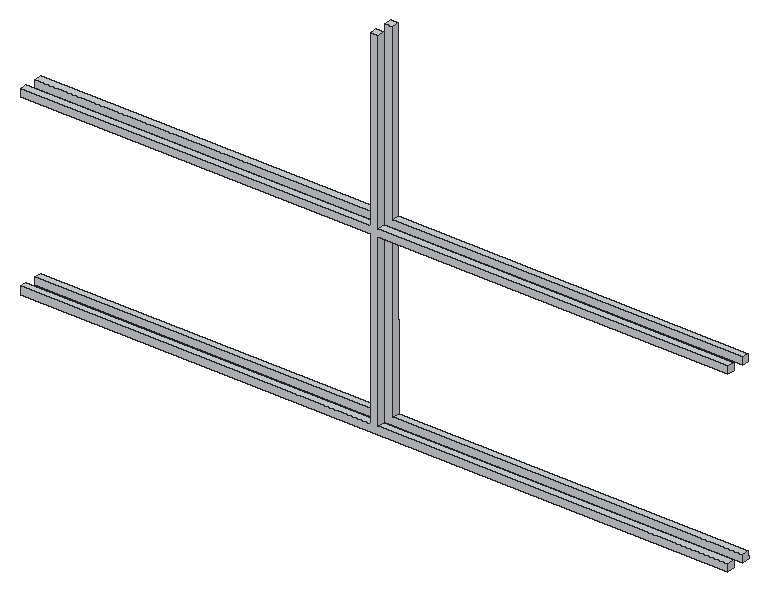
Revit family "dd4de55644d74c2bbe2c4901fe49f491", category Generic Models, Revit 2021
Family settings
  Can host rebar = No
  Round Connector Dimension = Use Diameter
  Part Type = Normal
  Work Plane-Based = No
  Always vertical = Yes
  Cut with Voids When Loaded = No
  Shared = Yes
  Room Calculation Point = No
Parameters
  Width [instance] = 4' - 0"
  Thickness = 0' - 0 1/2"
  Height [instance] = 4' - 0"
  Interior Material [instance] = none
  Exterior Material [instance] = none
  Distance = 0' - 0 3/4"
  Default Elevation = 0' - 0"
Reference planes (in)
  plane 1 "Center (Front/Back)": y = 0
  plane 2: z = 0
  plane 3 "Center (Left/Right)": x = 0
  plane 4: z = 48
  plane 5: x = -24
  plane 6: x = 24
  plane 7 "a": y = 0.375
  plane 8 "b": y = -0.375
  plane 9: z = 24
  plane 10: x = 0
  plane 11: x = -0.25
  plane 12: x = 0.25
  plane 13: z = 36
  plane 14: z = 36.25
  plane 15: z = 35.75
  plane 16: z = 24.25
  plane 17: z = 23.75
  plane 18: y = 0.875
  plane 19: y = -0.875
Forms (in)
  Extrusion 1, solid, material <- "Exterior Material", detail levels fine
    sketch origin (0, 0, 0) x (1, 0, 0) y (0, 0, 1)
      loop
        line (-24, 36.25) -> (-24, 35.75) -> (-0.25, 35.75) -> (-0.25, 24.25) -> (-24, 24.25) -> (-24, 23.75) -> (24, 23.75) -> (24, 24.25) -> (0.25, 24.25) -> (0.25, 35.75) -> (24, 35.75) -> (24, 36.25) -> (0.25, 36.25) -> (0.25, 48) -> (-0.25, 48) -> (-0.25, 36.25) -> (-24, 36.25)
    from -0.875 to -0.375
  Extrusion 2, solid, material <- "Interior Material", detail levels fine
    sketch origin (0, 0, 0) x (1, 0, 0) y (0, 0, -1)
      loop
        line (-24, -36.25) -> (-0.25, -36.25) -> (-0.25, -48) -> (0.25, -48) -> (0.25, -36.25) -> (24, -36.25) -> (24, -35.75) -> (0.25, -35.75) -> (0.25, -24.25) -> (24, -24.25) -> (24, -23.75) -> (-24, -23.75) -> (-24, -24.25) -> (-0.25, -24.25) -> (-0.25, -35.75) -> (-24, -35.75) -> (-24, -36.25)
    from -0.875 to -0.375
Lines and regions (in)
  model lines, detail levels medium
    curve 1: line (-24, 0.375, 24) -> (24, 0.375, 24)
    curve 6: line (-24, -0.375, 24) -> (24, -0.375, 24)
  model lines, style "GenericModel", detail levels medium
    curve 2: line (0, 0.375, 48) -> (0, 0.375, 24)
    curve 3: line (-24, 0.375, 36) -> (24, 0.375, 36)
    curve 4: line (0, -0.375, 48) -> (0, -0.375, 24)
    curve 5: line (-24, -0.375, 36) -> (24, -0.375, 36)
Dimensions and locks (in)
  equal spacing: plane 6, plane 3 "Center (Left/Right)", plane 5
  "Width": plane 6 to plane 5
  "Height": plane 4 to plane 2
  equal spacing: plane 7 "a", plane 1 "Center (Front/Back)", plane 8 "b"
  "Distance": plane 7 "a" to plane 8 "b"
  plane 12 to plane 10 to plane 11 = 0' - 0 1/4" locked, 0' - 0 1/4" locked
  equal spacing: plane 4, plane 13, plane 9
  plane 14 to plane 13 to plane 15 = 0' - 0 1/4" locked, 0' - 0 1/4" locked
  locked: plane 16 to plane 9 at 0.25
  locked: plane 9 to plane 17 at 0.25
  equal spacing: plane 4, plane 9, plane 2
  "Thickness": plane 18 to plane 7 "a"
  "Thickness": plane 8 "b" to plane 19
  aligned and locked: plane 2 to level
  aligned and locked: plane 5 to curve 1
  aligned and locked: plane 6 to curve 1
  aligned and locked: curve 1 to plane 9
  aligned and locked: curve 2 to plane 10
  aligned and locked: plane 4 to curve 2
  aligned and locked: plane 9 to curve 2
  aligned and locked: plane 3 "Center (Left/Right)" to plane 10
  aligned and locked: curve 3 to plane 13
  aligned and locked: plane 6 to curve 3
  aligned and locked: plane 5 to curve 3
  aligned and locked: Extrusion 1 sketch curve to plane 14
  aligned and locked: Extrusion 1 sketch curve to plane 15
  aligned and locked: Extrusion 1 sketch curve to plane 16
  aligned and locked: Extrusion 1 sketch curve to plane 17
  aligned and locked: Extrusion 1 sketch curve to plane 5
  aligned and locked: Extrusion 1 sketch curve to plane 11
  aligned and locked: Extrusion 1 sketch curve to plane 12
  aligned and locked: Extrusion 1 sketch curve to plane 6
  aligned and locked: Extrusion 1 sketch curve to plane 4
  aligned and locked: Extrusion 1 to plane 7 "a"
  aligned and locked: Extrusion 1 to plane 18
  aligned and locked: Extrusion 2 to plane 5  (x3)
  aligned and locked: plane 6 to Extrusion 2  (x3)
  aligned and locked: plane 8 "b" to Extrusion 2
  aligned and locked: Extrusion 2 to plane 19
  aligned and locked: plane 16 to Extrusion 2
  aligned and locked: Extrusion 2 to plane 17
  aligned and locked: Extrusion 1 to plane 5  (x2)
  aligned and locked: Extrusion 2 to plane 15
  aligned and locked: plane 14 to Extrusion 2
  aligned and locked: plane 6 to Extrusion 1  (x2)
  aligned and locked: plane 5 to curve 6
  aligned and locked: plane 6 to curve 6
Automatic sketch dimensions
  Extrusion 1 sketch curve to plane 5 = 0' - 0"
  Extrusion 1 sketch curve to plane 11 = 0' - 0"
  Extrusion 1 sketch curve to plane 12 = 0' - 0"
  Extrusion 1 sketch curve to plane 6 = 0' - 0"
  Extrusion 1 sketch curve to plane 16 = 0' - 0"
  Extrusion 1 sketch curve to plane 15 = 0' - 0"
  Extrusion 1 sketch curve to plane 14 = 0' - 0"
  Extrusion 2 sketch curve to plane 5 = 0' - 0"  (x2)
  Extrusion 2 sketch curve to plane 11 = 0' - 0"  (x2)
  Extrusion 2 sketch curve to plane 4 = 0' - 0"
  Extrusion 2 sketch curve to plane 12 = 0' - 0"  (x2)
  Extrusion 2 sketch curve to plane 6 = 0' - 0"  (x2)
  Extrusion 2 sketch curve to plane 14 = 0' - 0"  (x2)
  Extrusion 2 sketch curve to plane 15 = 0' - 0"  (x2)
  Extrusion 2 sketch curve to plane 16 = 0' - 0"  (x2)
  Extrusion 2 sketch curve to plane 17 = 0' - 0"
  curve 5 to plane 6 = 0' - 0"
  curve 4 to plane 3 "Center (Left/Right)" = 0' - 0"
  curve 5 to plane 5 = 0' - 0"
  curve 4 to plane 9 = 0' - 0"
  curve 5 to plane 13 = 0' - 0"
  curve 4 to plane 4 = 0' - 0"
  curve 6 to plane 6 = 0' - 0"
  curve 6 to plane 5 = 0' - 0"
